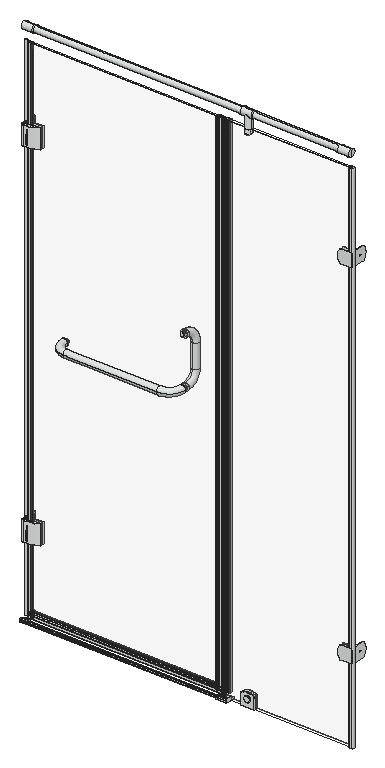
Revit family "Shower-Shower_Door-KOHLER-TRILGOY-K-72922T_2", category Specialty Equipment, host Face, Revit 2017
Family settings
  Host = Face
  Round Connector Dimension = Use Diameter
  Part Type = Normal
  OmniClass Number = 23.31.17.17
  OmniClass Title = Shower Enclosures
  Cut with Voids When Loaded = No
  Shared = No
  Room Calculation Point = No
Parameters (values of type "SHP-Polished Bright Silver")
  Width = 47 81/128"  # constant formula
  WaterSense Certified = 1 = 0  # no
  URL = "http://www.kohler.com.cn/"
  Type = 1
  Product Page URL = ""
  Product Name = "TRILGOY\r\n"  # constant formula
  Product Documentation Link = ""
  Model = if(Type = 1, "K-72922T-L-SHP", if(Type = 2, "K-72922T-L-2BL", "NA"))  # "K-72922T-L-SHP"
  Material = "Premium Metal Construction"  # constant formula
  Master Format 2014 Name = "Shower Doors"  # constant formula
  Master Format 2014 = "10 28 19.16"  # constant formula
  Manufacturer Address = "Kohler Beijing Office (100016) 36-2-03-B, No. 88, Liuxiang Road, Beijing"  # constant formula
  Manufacturer = "KOHLER Co."  # constant formula
  Length = 5 59/256"  # constant formula
  Height = 77 13/64"  # constant formula
  Finish = Kohler-Metal-SHP-Bright_Polished_Silver
  Environmental Product Declaration = ""
  Description = "Hinge screen, 1 door 1 panel, 8mm thick glass"  # constant formula
  Default Elevation = 0"
  Declare Label = ""
  Date Modified = "08/24/2020"  # constant formula
  Date Created = "08/24/2020"  # constant formula
  Copyright = "Copyright KOHLER Co."  # constant formula
  Contact Us = "http://www.kohler.com.cn/contact/contact-us/"
  Assembly Code = "C1030200"
  ADA Compliant = 1 = 0  # no
Types (3): name | Type | Model | Finish
  (no name) | 1 | "K-72922T-L-SHP" | Kohler-Metal-SHP-Bright_Polished_Silver
  SHP-Polished Bright Silver | 1 | "K-72922T-L-SHP" | Kohler-Metal-SHP-Bright_Polished_Silver
  2BL-Original Black | 2 | "K-72922T-L-2BL" | Kohler-Metal-2BL-Original_Black
Reference planes (in)
  plane 1 "Center (Front/Back)": y = 0
  plane 2: z = 0
  plane 3 "Center (Left/Right)": x = 0
  plane 4: x = -23.81704
  plane 5: y = 2.56178
  plane 6: x = 23.81577
  plane 7: x = -22.71597
  plane 8: y = 0.31011
  plane 9: x = -9.25011
  plane 10: x = -18.31156
  plane 11: x = -0.31943
  plane 12: y = -1.67746
  plane 13: y = -2.66869
  plane 14: y = -0.94973
  plane 15: z = 77.20312
  plane 16: z = 74.80315
  plane 17: z = 37.83465
  plane 18: x = 3.96623
  plane 19: z = 76.21887
Dimensions and locks (in)
  locked: plane 4 to plane 9 at 14.56693
  locked: plane 13 to plane 12 at 0.99123
  locked: plane 10 to plane 11 at 17.99213
  locked: plane 8 to plane 14 at 1.25984
  "Height": plane 15 to plane 2
  plane 16 to plane 2 = 74.80315"
  plane 17 to plane 2 = 37.83465"
  plane 7 to plane 18 = 26.6822"
  "Width": plane 6 to plane 4
  locked: plane 15 to plane 19 at 0.98425
  "Length": plane 5 to plane 13
  aligned and locked: plane 2 to host face
  aligned and locked: level to host face
Automatic sketch dimensions
  host sketch curve to host sketch curve = 96"  (x2)
Nested families (in)
  nested 1: "K-72922T" at (-43.00282, 0, 0), type "K-72922T"
Definition of nested family "K-72922T"
  Parameters (values of type "K-72922T")
    Material = none
  Reference planes (in)
    plane 1 "Center (Front/Back)": y = 0
    plane 2: z = 0
    plane 3 "Center (Left/Right)": x = 0
    plane 4: z = 77.20472
    plane 5: z = 37.83465
    plane 6: z = 74.80315
    plane 7: z = 76.22047
    plane 8: x = 19.18578
    plane 9: x = 66.81986
    plane 10: x = 43.00282
    plane 11: x = 33.75271
    plane 12: y = -2.67039
    plane 13: y = 2.56178
    plane 14: x = 20.28685
    plane 15: x = 46.96905
    plane 16: y = 0.31011
    plane 17: y = -0.94973
    plane 18: y = -1.67916
    plane 19: x = 24.69127
    plane 20: x = 42.68339
  Forms (in)
    Extrusion 1, solid
      sketch origin (0, -0.21473, 0) x (0, 1, 0) y (0, 0, 1)
        loop
          line (0.32014, 1.29581) -> (0.32014, 74.80315) -> (0.00518, 74.80315) -> (0.00518, 1.29581) -> (0.32014, 1.29581)
      from 19.89444 to 47.45796
    Sweep 2, solid, material <- "Material"
      path origin (33.93209, -0.12918, 0) x (1, 0, 0) y (0, 1, 0)
        loop
          line (-9.22931, -0.0791) -> (-9.22931, -0.27595)
          arc (-9.22931, -0.27595) -> (-8.57278, -1.86097) -> (-6.98776, -2.51751) r 2.24156
          line (-6.98776, -2.51751) -> (6.48406, -2.51751)
          arc (6.48406, -2.51751) -> (8.06908, -1.86097) -> (8.72562, -0.27595) r 2.24156
          line (8.72562, -0.27595) -> (8.72562, -0.13386)
      profile origin (33.68024, -2.64669, 0) x (0, 1, 0) y (0, 0, 1)
        loop
          circle (0.47192, 37.85475) r 0.49592
    Extrusion 3, void
      sketch origin (0, 0.04306, -0.14149) x (0, 1, 0) y (0, 0, 1)
        loop
          circle (0.89886, 12.85429) r 0.1305
        loop
          circle (0.89886, 11.08264) r 0.1305
      from 18.61426 to 19.8989
    Extrusion 4, void
      sketch origin (0, -0.17609, 51.13343) x (0, 1, 0) y (0, 0, 1)
        loop
          circle (1.11801, 12.72049) r 0.1305
        loop
          circle (1.11801, 10.94884) r 0.1305
      from 18.79114 to 20.09956
    Sweep 5, solid, material <- "Material"
      path origin (0, -0.33219, 74.76523) x (0, 1, 0) y (0, 0, -1)
        loop
          line (0.43592, 37.40654) -> (0.63204, 37.40654)
          arc (0.63204, 37.40654) -> (2.23556, 36.74234) -> (2.89976, 35.13882) r 2.26772
          line (2.89976, 35.13882) -> (2.89976, 31.71911)
          arc (2.89976, 31.71911) -> (2.23556, 30.11559) -> (0.63204, 29.4514) r 2.26772
          line (0.63204, 29.4514) -> (0.43757, 29.4514)
      profile origin (0, 2.56757, 41.33626) x (0, -1, 0) y (1, 0, 0)
        loop
          circle (0.49295, 42.18206) r 0.4926
    Revolve 6, solid, material <- "Material", detail levels medium+fine
      sketch origin (0, 0, 0) x (1, 0, 0) y (0, 0, 1)
        loop
          line (19.18578, 77.20472) -> (19.18578, 76.7126) -> (66.38709, 76.7126) -> (66.38709, 77.20472) -> (64.81229, 77.20472) -> (64.81229, 77.11636) -> (52.33197, 77.11636) -> (52.33197, 77.20472) -> (50.75717, 77.20472) -> (50.75717, 77.11636) -> (20.7178, 77.11636) -> (20.7178, 77.20472) -> (19.18578, 77.20472)
        axis (66.38709, 76.7126) -> (19.18578, 76.7126)
      angle from 0 to 360
    Revolve 7, solid, material <- "Material", detail levels medium+fine
      sketch origin (0, 0, 0) x (1, 0, 0) y (0, 0, 1)
        loop
          line (51.54457, 74.01575) -> (51.881, 74.01575)
          arc (51.881, 74.01575) -> (51.94035, 74.04033) -> (51.96493, 74.09968) r 0.08393
          line (51.96493, 74.09968) -> (51.96493, 74.80315) -> (52.03801, 74.80315) -> (52.03801, 76.61166) -> (51.54457, 76.61166) -> (51.54457, 74.01575)
        axis (51.54457, 74.01575) -> (51.54457, 76.61166)
      angle from 0 to 360
    Extrusion 8, solid, material <- "Material", detail levels medium+fine
      sketch origin (33.12017, -0.21645, 51.14419) x (-1, 0, 0) y (0, 0, -1)
        loop
          line (12.71391, -13.20286) -> (12.71391, -10.44073) -> (11.33596, -10.44073) -> (11.33596, -13.20286) -> (12.71391, -13.20286)
        loop
          circle (12.07567, -12.71537) r 0.2374
        loop
          circle (12.07721, -10.94218) r 0.23549
        loop
          line (12.71391, 37.93651) -> (12.71391, 40.69288) -> (11.33596, 40.69288) -> (11.33596, 37.93651) -> (12.71391, 37.93651)
        loop
          circle (12.07875, 38.42636) r 0.2374
        loop
          circle (12.08029, 40.19955) r 0.23549
      from -0.50715 to -0.32014
    Extrusion 9, solid, material <- "Material", detail levels medium+fine
      sketch origin (33.10557, -0.21645, 0) x (1, 0, 0) y (0, 1, 0)
        loop
          arc (-12.83785, -0.0215) -> (-12.81922, -0.00081) -> (-12.83991, 0.01782) r 0.01969
          line (-12.83991, 0.01782) -> (-13.00248, 0.0093) -> (-13.18839, -0.00044)
          arc (-13.18839, -0.00044) -> (-13.20439, 0.00546) -> (-13.21112, 0.02113) r 0.0216
          line (-13.21112, 0.02113) -> (-13.21112, 0.30596)
          arc (-13.21112, 0.30596) -> (-13.20491, 0.32041) -> (-13.19015, 0.32586) r 0.01992
          line (-13.19015, 0.32586) -> (-13.00248, 0.31602) -> (-12.83943, 0.30748)
          arc (-12.83943, 0.30748) -> (-12.81875, 0.3261) -> (-12.83737, 0.34679) r 0.01969
          line (-12.83737, 0.34679) -> (-13.25049, 0.36844)
          arc (-13.25049, 0.36844) -> (-13.48671, 0.37463) -> (-13.72293, 0.36844) r 4.51354
          arc (-13.72293, 0.36844) -> (-13.82133, 0.36386) -> (-13.91978, 0.36043) r 8.42466
          line (-13.91978, 0.36043) -> (-13.91978, 0.32907) -> (-13.25049, 0.32907) -> (-13.25049, 0.01768)
          arc (-13.25049, 0.01768) -> (-13.23251, -0.02417) -> (-13.18977, -0.03994) r 0.0577
          line (-13.18977, -0.03994) -> (-12.83785, -0.0215)
      from 0.3937 to 74.80315
    Extrusion 10, solid, material <- "Material", detail levels medium+fine
      sketch origin (33.10999, -0.21645, 0) x (1, 0, 0) y (0, 1, 0)
        loop
          line (-13.77018, 0.50715) -> (-13.73081, 0.50715) -> (-13.73081, -0.02435)
          arc (-13.73081, -0.02435) -> (-13.70579, -0.14958) -> (-13.71614, -0.27687) r 0.46033
          arc (-13.71614, -0.27687) -> (-13.64682, -0.5295) -> (-13.39872, -0.61361) r 0.27933
          line (-13.39872, -0.61361) -> (-13.28446, -0.60962)
          arc (-13.28446, -0.60962) -> (-12.28239, -0.45554) -> (-11.34388, -0.07204) r 4.31799
          arc (-11.34388, -0.07204) -> (-11.32395, -0.02571) -> (-11.36382, 0.00518) r 0.04119
          line (-11.36382, 0.00518) -> (-12.65948, 0.00518) -> (-12.65948, -0.1401)
          arc (-12.65948, -0.1401) -> (-12.88506, -0.41125) -> (-13.19273, -0.23876) r 0.27575
          arc (-13.19273, -0.23876) -> (-13.28522, -0.117) -> (-13.42866, -0.06402) r 0.27315
          arc (-13.42866, -0.06402) -> (-13.44312, -0.05712) -> (-13.44899, -0.04221) r 0.02186
          line (-13.44899, -0.04221) -> (-13.44899, 0.01837)
          arc (-13.44899, 0.01837) -> (-13.4601, 0.04352) -> (-13.48618, 0.05224) r 0.03402
          arc (-13.48618, 0.05224) -> (-13.54845, 0.07307) -> (-13.57498, 0.13313) r 0.08124
          line (-13.57498, 0.13313) -> (-13.57498, 1.61582)
          arc (-13.57498, 1.61582) -> (-13.63218, 1.75367) -> (-13.77018, 1.81051) r 0.19469
          line (-13.77018, 1.81051) -> (-13.77018, 0.50715)
        loop
          circle (-13.44663, -0.33944) r 0.11896
      from 61.58492 to 64.34705
    Extrusion 11, solid, material <- "Material", detail levels medium+fine
      sketch origin (33.10999, -0.21645, -51.1811) x (1, 0, 0) y (0, 1, 0)
        loop
          line (-13.77018, 0.50715) -> (-13.73081, 0.50715) -> (-13.73081, -0.02435)
          arc (-13.73081, -0.02435) -> (-13.70579, -0.14958) -> (-13.71614, -0.27687) r 0.46033
          arc (-13.71614, -0.27687) -> (-13.64682, -0.5295) -> (-13.39872, -0.61361) r 0.27933
          line (-13.39872, -0.61361) -> (-13.28446, -0.60962)
          arc (-13.28446, -0.60962) -> (-12.28239, -0.45554) -> (-11.34388, -0.07204) r 4.31799
          arc (-11.34388, -0.07204) -> (-11.32395, -0.02571) -> (-11.36382, 0.00518) r 0.04119
          line (-11.36382, 0.00518) -> (-12.65783, 0.00518) -> (-12.65783, -0.1401)
          arc (-12.65783, -0.1401) -> (-12.88341, -0.41125) -> (-13.19108, -0.23876) r 0.27575
          arc (-13.19108, -0.23876) -> (-13.28357, -0.117) -> (-13.42701, -0.06402) r 0.27315
          arc (-13.42701, -0.06402) -> (-13.44147, -0.05712) -> (-13.44734, -0.04221) r 0.02186
          line (-13.44734, -0.04221) -> (-13.44734, 0.01837)
          arc (-13.44734, 0.01837) -> (-13.45845, 0.04352) -> (-13.48453, 0.05224) r 0.03402
          arc (-13.48453, 0.05224) -> (-13.54679, 0.07307) -> (-13.57333, 0.13313) r 0.08124
          line (-13.57333, 0.13313) -> (-13.57333, 1.61344)
          arc (-13.57333, 1.61344) -> (-13.63112, 1.75187) -> (-13.77018, 1.80813) r 0.19469
          line (-13.77018, 1.80813) -> (-13.77018, 0.50715)
        loop
          circle (-13.44663, -0.33944) r 0.11896
      from 61.63242 to 64.38878
    Extrusion 12, solid, material <- "Material", detail levels medium+fine
      sketch origin (34.88107, -0.21531, 0) x (1, 0, 0) y (0, 1, 0)
        loop
          line (12.50441, -0.09311) -> (12.63248, -0.09311)
          arc (12.63248, -0.09311) -> (12.82914, -0.11223) -> (13.02562, -0.09131) r 0.97517
          line (13.02562, -0.09131) -> (13.11373, -0.00321)
          arc (13.11373, -0.00321) -> (13.12016, 0.01233) -> (13.11373, 0.02787) r 0.02197
          line (13.11373, 0.02787) -> (12.72791, 0.41369)
          arc (12.72791, 0.41369) -> (12.61621, 0.41867) -> (12.50441, 0.41802) r 2.21716
          arc (12.50441, 0.41802) -> (12.40035, 0.41148) -> (12.29691, 0.39834) r 1.64069
          arc (12.29691, 0.39834) -> (12.19969, 0.38074) -> (12.10328, 0.3591) r 2.36632
          arc (12.10328, 0.3591) -> (12.08886, 0.33544) -> (12.11241, 0.32085) r 0.01967
          line (12.11241, 0.32085) -> (12.19154, 0.33911) -> (12.26652, 0.32122)
          arc (12.26652, 0.32122) -> (12.27838, 0.3285) -> (12.27109, 0.34036) r 0.00984
          line (12.27109, 0.34036) -> (12.238, 0.34826)
          arc (12.238, 0.34826) -> (12.31173, 0.36045) -> (12.38587, 0.3698) r 1.9463
          line (12.38587, 0.3698) -> (12.39331, 0.3332)
          arc (12.39331, 0.3332) -> (12.40825, 0.32269) -> (12.41959, 0.33701) r 0.0133
          line (12.41959, 0.33701) -> (12.41646, 0.37282)
          arc (12.41646, 0.37282) -> (12.45824, 0.37702) -> (12.50021, 0.37842) r 0.62902
          line (12.50021, 0.37842) -> (12.55046, 0.37842)
          arc (12.55046, 0.37842) -> (12.56948, 0.37054) -> (12.57736, 0.35151) r 0.02691
          line (12.57736, 0.35151) -> (12.57736, -0.02661)
          arc (12.57736, -0.02661) -> (12.56948, -0.04563) -> (12.55046, -0.05351) r 0.02691
          line (12.55046, -0.05351) -> (12.50021, -0.05351)
          arc (12.50021, -0.05351) -> (12.45824, -0.05211) -> (12.41646, -0.04791) r 0.62902
          line (12.41646, -0.04791) -> (12.41959, -0.0121)
          arc (12.41959, -0.0121) -> (12.40825, 0.00222) -> (12.39331, -0.00829) r 0.0133
          line (12.39331, -0.00829) -> (12.38587, -0.04489)
          arc (12.38587, -0.04489) -> (12.31173, -0.03554) -> (12.238, -0.02335) r 1.9463
          line (12.238, -0.02335) -> (12.27109, -0.01545)
          arc (12.27109, -0.01545) -> (12.27838, -0.0036) -> (12.26652, 0.00369) r 0.00984
          line (12.26652, 0.00369) -> (12.19154, -0.01421) -> (12.10926, 0.00479)
          arc (12.10926, 0.00479) -> (12.08563, -0.01019) -> (12.10092, -0.03361) r 0.01965
          line (12.10092, -0.03361) -> (12.29691, -0.07343)
          arc (12.29691, -0.07343) -> (12.40019, -0.08818) -> (12.50441, -0.09311) r 1.10335
        loop
          arc (12.63248, -0.07343) -> (12.81702, -0.09442) -> (13.00197, -0.07752) r 0.91052
          line (13.00197, -0.07752) -> (12.73663, 0.18782)
          arc (12.73663, 0.18782) -> (12.72975, 0.20442) -> (12.73663, 0.22102) r 0.02347
          line (12.73663, 0.22102) -> (12.79918, 0.28356)
          arc (12.79918, 0.28356) -> (12.8056, 0.29907) -> (12.79918, 0.31458) r 0.02193
          line (12.79918, 0.31458) -> (12.71542, 0.39834) -> (12.63248, 0.39834) -> (12.63248, -0.07343)
        loop
          line (12.82582, 0.28794) -> (12.75685, 0.21896)
          arc (12.75685, 0.21896) -> (12.75082, 0.20442) -> (12.75685, 0.18988) r 0.02057
          line (12.75685, 0.18988) -> (13.02069, -0.07397) -> (13.0891, -0.00557)
          arc (13.0891, -0.00557) -> (13.09535, 0.00955) -> (13.0891, 0.02466) r 0.02137
          line (13.0891, 0.02466) -> (12.82582, 0.28794)
        loop
          arc (13.59079, -0.09311) -> (13.69169, -0.08849) -> (13.79175, -0.07466) r 1.10335
          line (13.79175, -0.07466) -> (13.98023, -0.03637)
          arc (13.98023, -0.03637) -> (13.99552, -0.01295) -> (13.9719, 0.00203) r 0.01965
          line (13.9719, 0.00203) -> (13.90263, -0.01396) -> (13.82868, 0.00369)
          arc (13.82868, 0.00369) -> (13.81683, -0.0036) -> (13.82411, -0.01545) r 0.00984
          line (13.82411, -0.01545) -> (13.8572, -0.02335)
          arc (13.8572, -0.02335) -> (13.78347, -0.03554) -> (13.70933, -0.04489) r 1.9463
          line (13.70933, -0.04489) -> (13.70189, -0.00829)
          arc (13.70189, -0.00829) -> (13.68695, 0.00222) -> (13.67561, -0.0121) r 0.0133
          line (13.67561, -0.0121) -> (13.67874, -0.04791)
          arc (13.67874, -0.04791) -> (13.63696, -0.05211) -> (13.59499, -0.05351) r 0.62902
          line (13.59499, -0.05351) -> (13.54475, -0.05351)
          arc (13.54475, -0.05351) -> (13.52572, -0.04563) -> (13.51784, -0.02661) r 0.02691
          line (13.51784, -0.02661) -> (13.51784, 0.42533)
          arc (13.51784, 0.42533) -> (13.52572, 0.44436) -> (13.54475, 0.45224) r 0.02691
          line (13.54475, 0.45224) -> (13.59499, 0.45224)
          arc (13.59499, 0.45224) -> (13.63696, 0.45084) -> (13.67874, 0.44664) r 0.62902
          line (13.67874, 0.44664) -> (13.67561, 0.41083)
          arc (13.67561, 0.41083) -> (13.68695, 0.39651) -> (13.70189, 0.40702) r 0.0133
          line (13.70189, 0.40702) -> (13.70933, 0.44362)
          arc (13.70933, 0.44362) -> (13.78347, 0.43427) -> (13.8572, 0.42208) r 1.9463
          line (13.8572, 0.42208) -> (13.82411, 0.41418)
          arc (13.82411, 0.41418) -> (13.81683, 0.40232) -> (13.82868, 0.39503) r 0.00984
          line (13.82868, 0.39503) -> (13.90647, 0.4136) -> (13.97221, 0.39843)
          arc (13.97221, 0.39843) -> (13.99581, 0.41334) -> (13.98068, 0.4368) r 0.01965
          arc (13.98068, 0.4368) -> (13.88269, 0.45708) -> (13.78456, 0.47664) r 13.69453
          arc (13.78456, 0.47664) -> (13.6813, 0.49171) -> (13.57706, 0.49674) r 1.08114
          arc (13.57706, 0.49674) -> (13.33612, 0.46746) -> (13.0966, 0.42819) r 5.84553
          arc (13.0966, 0.42819) -> (13.07264, 0.41988) -> (13.05221, 0.40484) r 0.08458
          line (13.05221, 0.40484) -> (12.97815, 0.33077)
          arc (12.97815, 0.33077) -> (12.97171, 0.31523) -> (12.97815, 0.2997) r 0.02197
          line (12.97815, 0.2997) -> (13.35194, -0.07409)
          arc (13.35194, -0.07409) -> (13.37301, -0.08817) -> (13.39786, -0.09311) r 0.06494
          line (13.39786, -0.09311) -> (13.59079, -0.09311)
        loop
          line (13.46272, -0.07343) -> (13.46272, 0.39834)
          arc (13.46272, 0.39834) -> (13.27766, 0.4191) -> (13.09214, 0.40284) r 0.93659
          line (13.09214, 0.40284) -> (13.35749, 0.1375)
          arc (13.35749, 0.1375) -> (13.36436, 0.1209) -> (13.35749, 0.1043) r 0.02347
          line (13.35749, 0.1043) -> (13.29494, 0.04176)
          arc (13.29494, 0.04176) -> (13.28852, 0.02625) -> (13.29494, 0.01074) r 0.02193
          line (13.29494, 0.01074) -> (13.37534, -0.06966) -> (13.46272, -0.07343)
        loop
          line (13.2683, 0.03739) -> (13.33727, 0.10636)
          arc (13.33727, 0.10636) -> (13.34329, 0.1209) -> (13.33727, 0.13544) r 0.02057
          line (13.33727, 0.13544) -> (13.07343, 0.39929) -> (13.00502, 0.33089)
          arc (13.00502, 0.33089) -> (12.99876, 0.31577) -> (13.00502, 0.30066) r 0.02137
          line (13.00502, 0.30066) -> (13.2683, 0.03739)
      from 0.7874 to 74.80315
    Extrusion 13, solid, material <- "Material", detail levels medium+fine
      sketch origin (33.77418, -0.59146, 74.66882) x (0, 1, 0) y (0, 0, 1)
        loop
          line (0.38134, -74.66882) -> (0.38134, -74.26038)
          arc (0.38134, -74.26038) -> (0.37412, -74.24296) -> (0.3567, -74.23575) r 0.02463
          line (0.3567, -74.23575) -> (-0.22241, -74.23575)
          arc (-0.22241, -74.23575) -> (-0.31847, -74.27554) -> (-0.35827, -74.37161) r 0.13586
          line (-0.35827, -74.37161) -> (-0.35827, -74.66882) -> (0.38134, -74.66882)
      from 15.21134 to 15.32945
    Extrusion 14, solid, material <- "Material", detail levels medium+fine
      sketch origin (33.77418, -0.59146, 74.66882) x (0, 1, 0) y (0, 0, 1)
        loop
          arc (0.35827, -74.49596) -> (0.34663, -74.46786) -> (0.31852, -74.45622) r 0.03974
          line (0.31852, -74.45622) -> (0.18109, -74.45622)
          arc (0.18109, -74.45622) -> (0.14295, -74.45031) -> (0.10838, -74.43312) r 0.12598
          line (0.10838, -74.43312) -> (-0.13501, -74.2611)
          arc (-0.13501, -74.2611) -> (-0.2818, -74.25099) -> (-0.35827, -74.3767) r 0.14155
          line (-0.35827, -74.3767) -> (-0.35827, -74.66882) -> (-0.30978, -74.66882) -> (-0.30978, -74.37418)
          arc (-0.30978, -74.37418) -> (-0.26789, -74.30576) -> (-0.1879, -74.31197) r 0.07682
          line (-0.1879, -74.31197) -> (0.05329, -74.48668)
          arc (0.05329, -74.48668) -> (0.1016, -74.51123) -> (0.15512, -74.51969) r 0.1736
          line (0.15512, -74.51969) -> (0.31032, -74.51969) -> (0.31032, -74.66882) -> (0.35827, -74.66882) -> (0.35827, -74.49596)
      from 13.7389 to 15.21134
    Extrusion 15, solid, material <- "Material", detail levels medium+fine
      sketch origin (33.06942, -0.59209, 74.66882) x (0, 1, 0) y (0, 0, -1)
        loop
          line (-0.1523, 74.6063) -> (-0.1523, 74.63914)
          arc (-0.1523, 74.63914) -> (-0.15832, 74.65368) -> (-0.17285, 74.65969) r 0.02055
          line (-0.17285, 74.65969) -> (-0.21082, 74.65969)
          arc (-0.21082, 74.65969) -> (-0.22512, 74.65377) -> (-0.23104, 74.63947) r 0.02022
          line (-0.23104, 74.63947) -> (-0.23104, 74.6063) -> (-0.28757, 74.6063)
          arc (-0.28757, 74.6063) -> (-0.30328, 74.59979) -> (-0.30978, 74.58409) r 0.02221
          line (-0.30978, 74.58409) -> (-0.30978, 74.37418)
          arc (-0.30978, 74.37418) -> (-0.26789, 74.30576) -> (-0.1879, 74.31197) r 0.07682
          line (-0.1879, 74.31197) -> (0.05329, 74.48668)
          arc (0.05329, 74.48668) -> (0.1016, 74.51123) -> (0.15512, 74.51969) r 0.1736
          line (0.15512, 74.51969) -> (0.24971, 74.51969)
          arc (0.24971, 74.51969) -> (0.29302, 74.56299) -> (0.24971, 74.6063) r 0.04331
          line (0.24971, 74.6063) -> (0.20203, 74.6063) -> (0.20203, 74.6409)
          arc (0.20203, 74.6409) -> (0.1963, 74.65473) -> (0.18247, 74.66046) r 0.01956
          line (0.18247, 74.66046) -> (0.14315, 74.66046)
          arc (0.14315, 74.66046) -> (0.12911, 74.65465) -> (0.12329, 74.64061) r 0.01986
          line (0.12329, 74.64061) -> (0.12329, 74.6063) -> (-0.1523, 74.6063)
      from -14.83577 to 13.69021
    Extrusion 16, solid, material <- "Material", detail levels medium+fine
      sketch origin (33.06942, -0.21531, 74.80095) x (0, 1, 0) y (0, 0, -1)
        loop
          line (0.18628, 73.94488) -> (0.17855, 74.51875)
          arc (0.17855, 74.51875) -> (0.16402, 74.53311) -> (0.14943, 74.51881) r 0.01456
          line (0.14943, 74.51881) -> (0.13904, 73.94488) -> (-0.03407, 73.94488)
          arc (-0.03407, 73.94488) -> (-0.07655, 73.92728) -> (-0.09415, 73.8848) r 0.06008
          line (-0.09415, 73.8848) -> (-0.09415, 73.82468)
          arc (-0.09415, 73.82468) -> (-0.08933, 73.72457) -> (-0.07493, 73.62538) r 1.04296
          line (-0.07493, 73.62538) -> (-0.03504, 73.42017)
          arc (-0.03504, 73.42017) -> (-0.0113, 73.40445) -> (0.004, 73.42846) r 0.01996
          line (0.004, 73.42846) -> (-0.0137, 73.50515) -> (0.00454, 73.58416)
          arc (0.00454, 73.58416) -> (-0.00375, 73.59742) -> (-0.01702, 73.58913) r 0.01106
          line (-0.01702, 73.58913) -> (-0.02439, 73.55721) -> (-0.04773, 73.70461) -> (-0.01416, 73.71113)
          arc (-0.01416, 73.71113) -> (-0.00355, 73.72534) -> (-0.01667, 73.73725) r 0.01318
          line (-0.01667, 73.73725) -> (-0.04877, 73.73725) -> (-0.0547, 73.86715)
          arc (-0.0547, 73.86715) -> (-0.04666, 73.88862) -> (-0.02558, 73.89764) r 0.02915
          line (-0.02558, 73.89764) -> (0.34986, 73.89764)
          arc (0.34986, 73.89764) -> (0.37094, 73.88862) -> (0.37899, 73.86715) r 0.02915
          line (0.37899, 73.86715) -> (0.37306, 73.73725) -> (0.34096, 73.73725)
          arc (0.34096, 73.73725) -> (0.32784, 73.72534) -> (0.33844, 73.71113) r 0.01318
          line (0.33844, 73.71113) -> (0.37202, 73.70461) -> (0.34867, 73.55721) -> (0.3413, 73.58913)
          arc (0.3413, 73.58913) -> (0.32804, 73.59742) -> (0.31975, 73.58416) r 0.01106
          line (0.31975, 73.58416) -> (0.33799, 73.50515) -> (0.32028, 73.42846)
          arc (0.32028, 73.42846) -> (0.33558, 73.40445) -> (0.35933, 73.42017) r 0.01996
          line (0.35933, 73.42017) -> (0.39922, 73.62538)
          arc (0.39922, 73.62538) -> (0.41362, 73.72457) -> (0.41843, 73.82468) r 1.04296
          line (0.41843, 73.82468) -> (0.41843, 73.8848)
          arc (0.41843, 73.8848) -> (0.40084, 73.92728) -> (0.35835, 73.94488) r 0.06008
          line (0.35835, 73.94488) -> (0.18628, 73.94488)
      from -15.32948 to 12.94218
    Extrusion 17, solid, material <- "Material", detail levels medium+fine
      sketch origin (32.99843, -0.59146, 74.66882) x (0, 1, 0) y (0, 0, -1)
        loop
          line (0.35827, 74.66882) -> (-0.35827, 74.66882) -> (-0.35827, 74.3767)
          arc (-0.35827, 74.3767) -> (-0.2818, 74.25099) -> (-0.13501, 74.2611) r 0.14155
          line (-0.13501, 74.2611) -> (0.10838, 74.43312)
          arc (0.10838, 74.43312) -> (0.14295, 74.45031) -> (0.18109, 74.45622) r 0.12598
          line (0.18109, 74.45622) -> (0.31852, 74.45622)
          arc (0.31852, 74.45622) -> (0.34663, 74.46786) -> (0.35827, 74.49596) r 0.03974
          line (0.35827, 74.49596) -> (0.35827, 74.66882)
      from 13.61921 to 13.65858
    Extrusion 18, solid, material <- "Material", detail levels medium+fine
      sketch origin (32.99843, -0.59146, 74.66882) x (0, 1, 0) y (0, 0, -1)
        loop
          line (0.35827, 74.49596) -> (0.35827, 74.66882) -> (0.31032, 74.66882) -> (0.31032, 74.51969) -> (0.15512, 74.51969)
          arc (0.15512, 74.51969) -> (0.1016, 74.51123) -> (0.05329, 74.48668) r 0.1736
          line (0.05329, 74.48668) -> (-0.1879, 74.31197)
          arc (-0.1879, 74.31197) -> (-0.26789, 74.30576) -> (-0.30978, 74.37418) r 0.07682
          line (-0.30978, 74.37418) -> (-0.30978, 74.66882) -> (-0.35827, 74.66882) -> (-0.35827, 74.3767)
          arc (-0.35827, 74.3767) -> (-0.2818, 74.25099) -> (-0.13501, 74.2611) r 0.14155
          line (-0.13501, 74.2611) -> (0.10838, 74.43312)
          arc (0.10838, 74.43312) -> (0.14295, 74.45031) -> (0.18109, 74.45622) r 0.12598
          line (0.18109, 74.45622) -> (0.31852, 74.45622)
          arc (0.31852, 74.45622) -> (0.34663, 74.46786) -> (0.35827, 74.49596) r 0.03974
      from 12.87118 to 13.61921
    Extrusion 19, solid, material <- "Material", detail levels medium+fine
      sketch origin (0, 0, 0) x (1, 0, 0) y (0, 1, 0)
        loop
          line (66.38709, -0.26863) -> (66.56395, -0.26863)
          arc (66.56395, -0.26863) -> (66.81986, -0.01272) -> (66.56395, 0.24318) r 0.25591
          line (66.56395, 0.24318) -> (66.38709, 0.24318)
          arc (66.38709, 0.24318) -> (66.26165, 0.23697) -> (66.13744, 0.2184) r 1.26993
          line (66.13744, 0.2184) -> (66.13744, 0.18413) -> (66.38709, 0.18413) -> (66.38709, -0.20957) -> (66.13744, -0.20957) -> (66.13744, -0.24385)
          arc (66.13744, -0.24385) -> (66.26165, -0.26242) -> (66.38709, -0.26863) r 1.26993
      from 0 to 74.80315
    Extrusion 20, solid, material <- "Material", detail levels medium+fine
      sketch origin (0, 0, 0) x (1, 0, 0) y (0, 0, 1)
        loop
          arc (65.08716, 63.97638) -> (64.98931, 63.95333) -> (64.91203, 63.88902) r 0.21921
          arc (64.91203, 63.88902) -> (64.61274, 62.9849) -> (64.92289, 62.08444) r 1.48825
          arc (64.92289, 62.08444) -> (64.9919, 62.02805) -> (65.07871, 62.00788) r 0.19685
          line (65.07871, 62.00788) -> (66.58394, 62.00788) -> (66.58394, 63.97638) -> (65.08716, 63.97638)
      from -0.24318 to -0.18413
    Extrusion 21, solid, material <- "Material", detail levels medium+fine
      sketch origin (0, 0.02126, 0) x (1, 0, 0) y (0, 0, -1)
        loop
          line (65.08716, -63.97638) -> (66.58394, -63.97638) -> (66.58394, -62.00788) -> (65.07871, -62.00788)
          arc (65.07871, -62.00788) -> (64.9919, -62.02805) -> (64.92289, -62.08444) r 0.19685
          arc (64.92289, -62.08444) -> (64.61274, -62.9849) -> (64.91203, -63.88902) r 1.48825
          arc (64.91203, -63.88902) -> (64.98931, -63.95333) -> (65.08716, -63.97638) r 0.21921
      from -0.28989 to -0.23084
    Extrusion 22, solid, material <- "Material", detail levels medium+fine
      sketch origin (0, 0, 0) x (0, 1, 0) y (0, 0, 1)
        loop
          line (1.78644, 63.97638) -> (0.18413, 63.97638) -> (0.18413, 62.00788) -> (1.78861, 62.00788)
          arc (1.78861, 62.00788) -> (1.8767, 62.02868) -> (1.94616, 62.08671) r 0.19685
          arc (1.94616, 62.08671) -> (2.2472, 62.99276) -> (1.94366, 63.89799) r 1.50777
          arc (1.94366, 63.89799) -> (1.87428, 63.9557) -> (1.78644, 63.97638) r 0.19685
        loop
          arc (1.12534, 63.12992) -> (0.98755, 62.99213) -> (1.12534, 62.85433) r 0.1378
          line (1.12534, 62.85433) -> (1.44801, 62.85433)
          arc (1.44801, 62.85433) -> (1.58581, 62.99213) -> (1.44801, 63.12992) r 0.1378
          line (1.44801, 63.12992) -> (1.12534, 63.12992)
      from 66.44615 to 66.58394
    Extrusion 23, solid, material <- "Material", detail levels medium+fine
      sketch origin (0, 0, 0) x (1, 0, 0) y (0, 0, 1)
        loop
          line (49.10363, 0) -> (49.10363, 0.19213)
          arc (49.10363, 0.19213) -> (49.09763, 0.20661) -> (49.08315, 0.2126) r 0.02047
          line (49.08315, 0.2126) -> (48.21808, 0.2126)
          arc (48.21808, 0.2126) -> (48.20396, 0.20675) -> (48.19811, 0.19263) r 0.01997
          line (48.19811, 0.19263) -> (48.19811, 0) -> (49.10363, 0)
      from -0.31011 to 0.20957
    Extrusion 24, solid, material <- "Material", detail levels medium+fine
      sketch origin (0, 0.02126, -51.17737) x (1, 0, 0) y (0, 0, -1)
        loop
          line (65.08716, -63.97638) -> (66.58394, -63.97638) -> (66.58394, -62.00788) -> (65.07871, -62.00788)
          arc (65.07871, -62.00788) -> (64.9919, -62.02805) -> (64.92289, -62.08444) r 0.19685
          arc (64.92289, -62.08444) -> (64.61274, -62.9849) -> (64.91203, -63.88902) r 1.48825
          arc (64.91203, -63.88902) -> (64.98931, -63.95333) -> (65.08716, -63.97638) r 0.21921
      from -0.28989 to -0.23084
    Extrusion 25, solid, material <- "Material", detail levels medium+fine
      sketch origin (0, 0, -51.18088) x (0, 1, 0) y (0, 0, 1)
        loop
          line (1.78644, 63.97638) -> (0.18413, 63.97638) -> (0.18413, 62.00788) -> (1.78861, 62.00788)
          arc (1.78861, 62.00788) -> (1.8767, 62.02868) -> (1.94616, 62.08671) r 0.19685
          arc (1.94616, 62.08671) -> (2.2472, 62.99276) -> (1.94366, 63.89799) r 1.50777
          arc (1.94366, 63.89799) -> (1.87428, 63.9557) -> (1.78644, 63.97638) r 0.19685
        loop
          arc (1.12534, 63.12992) -> (0.98755, 62.99213) -> (1.12534, 62.85433) r 0.1378
          line (1.12534, 62.85433) -> (1.44801, 62.85433)
          arc (1.44801, 62.85433) -> (1.58581, 62.99213) -> (1.44801, 63.12992) r 0.1378
          line (1.44801, 63.12992) -> (1.12534, 63.12992)
      from 66.44615 to 66.58394
    Extrusion 26, solid, material <- "Material", detail levels medium+fine
      sketch origin (0, 0, 0) x (1, 0, 0) y (0, 0, 1)
        loop
          line (52.52882, -0.00393) -> (52.52882, 1.49866)
          arc (52.52882, 1.49866) -> (52.50605, 1.5941) -> (52.44265, 1.66897) r 0.21139
          arc (52.44265, 1.66897) -> (51.48908, 1.96197) -> (50.56032, 1.59793) r 1.5135
          line (50.56032, 1.59793) -> (50.56032, -0.00393) -> (52.52882, -0.00393)
      from -0.26 to -0.18413
    Extrusion 27, solid, material <- "Material", detail levels medium+fine
      sketch origin (0, 0, 0) x (1, 0, 0) y (0, 0, 1)
        loop
          circle (51.54457, 1.05906) r 0.42362
      from -0.28254 to -0.26
    Extrusion 28, solid, material <- "Material"
      sketch origin (0, 0, 0) x (1, 0, 0) y (0, 0, 1)
        loop
          circle (25.1747, 37.85475) r 0.25339
        loop
          circle (42.18578, 37.85475) r 0.25588
      from -0.16408 to 0.30787
    Revolve 29, solid, material <- "Material"
      sketch origin (42.18288, 0, 0.0123) x (0, 1, 0) y (0, 0, 1)
        loop
          line (0.10539, 44.82088) -> (0.10539, 45.11918) -> (-0.20957, 45.11918) -> (-0.20957, 44.82088) -> (0.10539, 44.82088)
        axis (0.10539, 44.82088) -> (-0.20957, 44.82088)
      angle from 0 to 360
    Extrusion 30, solid
      sketch origin (28.93701, -0.21473, 0) x (0, 1, 0) y (0, 0, 1)
        loop
          line (0.39885, 0) -> (0.39885, 74.80315) -> (0.00518, 74.80315) -> (0.00518, 0) -> (0.39885, 0)
      from 19.45796 to 37.45008
    Extrusion 31, solid, material <- "Material", detail levels medium+fine
      sketch origin (0, 0, 0) x (1, 0, 0) y (0, 0, -1)
        loop
          line (52.52882, 0.00393) -> (50.56032, 0.00393) -> (50.56032, -1.59793)
          arc (50.56032, -1.59793) -> (51.48908, -1.96197) -> (52.44265, -1.66897) r 1.5135
          arc (52.44265, -1.66897) -> (52.50605, -1.5941) -> (52.52882, -1.49866) r 0.21139
          line (52.52882, -1.49866) -> (52.52882, 0.00393)
      from -0.27314 to -0.20955
    Extrusion 32, solid, material <- "Material", detail levels medium+fine
      sketch origin (0, 0, 0) x (1, 0, 0) y (0, 0, -1)
        loop
          circle (51.54457, -1.05906) r 0.42362
      from -0.29697 to -0.27314
    Extrusion 33, solid, material <- "Material", detail levels medium+fine
      sketch origin (0, 0, -51.17737) x (1, 0, 0) y (0, 0, 1)
        loop
          arc (65.08716, 63.97638) -> (64.98931, 63.95333) -> (64.91203, 63.88902) r 0.21921
          arc (64.91203, 63.88902) -> (64.61274, 62.9849) -> (64.92289, 62.08444) r 1.48825
          arc (64.92289, 62.08444) -> (64.9919, 62.02805) -> (65.07871, 62.00788) r 0.19685
          line (65.07871, 62.00788) -> (66.58394, 62.00788) -> (66.58394, 63.97638) -> (65.08716, 63.97638)
      from -0.24318 to -0.18413
    Revolve 34, solid, material <- "Material", detail levels coarse
      sketch origin (0, 0, 0) x (1, 0, 0) y (0, 0, 1)
        loop
          line (19.18578, 77.20472) -> (19.18578, 76.7126) -> (66.38709, 76.7126) -> (66.38709, 77.20472) -> (42.17599, 77.20472) -> (19.18578, 77.20472)
        axis (66.38709, 76.7126) -> (19.18578, 76.7126)
      angle from 0 to 360
    Extrusion 35, solid, material <- "Material", detail levels coarse
      sketch origin (33.10704, -0.16276, 0) x (1, 0, 0) y (0, 1, 0)
        loop
          line (-12.83785, -0.0215) -> (-12.83785, 0.36043) -> (-13.91978, 0.36043) -> (-13.91978, -0.0215) -> (-12.83785, -0.0215)
      from 0.3937 to 74.80315
    Extrusion 36, solid, material <- "Material", detail levels coarse
      sketch origin (33.77418, -0.59146, 74.66882) x (0, 1, 0) y (0, 0, 1)
        loop
          line (0.38134, -74.66882) -> (0.38134, -74.26038)
          arc (0.38134, -74.26038) -> (0.37412, -74.24296) -> (0.3567, -74.23575) r 0.02463
          line (0.3567, -74.23575) -> (-0.22241, -74.23575)
          arc (-0.22241, -74.23575) -> (-0.31847, -74.27554) -> (-0.35827, -74.37161) r 0.13586
          line (-0.35827, -74.37161) -> (-0.35827, -74.66882) -> (0.38134, -74.66882)
      from -14.43433 to 15.32945
    Extrusion 37, solid, material <- "Material", detail levels coarse
      sketch origin (33.10879, -0.21531, 74.80095) x (0, 1, 0) y (0, 0, -1)
        loop
          line (0.18628, 73.94488) -> (0.18628, 74.50334) -> (0.13904, 74.50334) -> (0.13904, 73.94488) -> (-0.03407, 73.94488)
          arc (-0.03407, 73.94488) -> (-0.07655, 73.92728) -> (-0.09415, 73.8848) r 0.06008
          line (-0.09415, 73.8848) -> (-0.09415, 73.46128) -> (-0.0547, 73.46128) -> (-0.0547, 73.86715)
          arc (-0.0547, 73.86715) -> (-0.04666, 73.88862) -> (-0.02558, 73.89764) r 0.02915
          line (-0.02558, 73.89764) -> (0.34986, 73.89764)
          arc (0.34986, 73.89764) -> (0.37094, 73.88862) -> (0.37899, 73.86715) r 0.02915
          line (0.37899, 73.86715) -> (0.37899, 73.46128) -> (0.41843, 73.46128) -> (0.41843, 73.8848)
          arc (0.41843, 73.8848) -> (0.40084, 73.92728) -> (0.35835, 73.94488) r 0.06008
          line (0.35835, 73.94488) -> (0.18628, 73.94488)
      from -15.32948 to 12.94218
    Extrusion 38, solid, material <- "Material", detail levels coarse
      sketch origin (0, 0, 0) x (1, 0, 0) y (0, 1, 0)
        loop
          line (66.13744, -0.26863) -> (66.56395, -0.26863)
          arc (66.56395, -0.26863) -> (66.81986, -0.01272) -> (66.56395, 0.24318) r 0.25591
          line (66.56395, 0.24318) -> (66.13744, 0.24318) -> (66.13744, 0.00053) -> (66.13744, -0.26863)
      from 0 to 74.80315
    Extrusion 39, solid, material <- "Material", detail levels coarse
      sketch origin (0, 0, 0) x (1, 0, 0) y (0, 1, 0)
        loop
          line (48.88478, -0.20955) -> (48.39496, -0.20955) -> (48.39496, 0.18304) -> (48.86175, 0.18304) -> (48.86175, 0.22149) -> (48.19811, 0.22149) -> (48.19811, 0.16368) -> (46.99348, 0.16368) -> (46.99348, 0.10554) -> (47.45796, 0.10554) -> (47.45796, -0.20955) -> (46.96283, -0.20955) -> (46.96283, -0.28114) -> (48.88478, -0.28114) -> (48.88478, -0.20955)
      from 0.7874 to 74.80315
    Revolve 40, solid, material <- "Material", detail levels coarse
      sketch origin (0, 0, 0) x (1, 0, 0) y (0, 0, 1)
        loop
          line (51.54457, 74.01575) -> (51.96493, 74.01575) -> (51.96493, 74.80315) -> (52.03801, 74.80315) -> (52.03801, 76.67898) -> (51.54457, 76.67898) -> (51.54457, 74.01575)
        axis (51.54457, 74.01575) -> (51.54457, 76.67898)
      angle from 0 to 360
    Extrusion 41, void
      sketch origin (0, 0, 0) x (0, 1, 0) y (0, 0, 1)
        loop
          line (-0.22185, 74.80315) -> (-0.22185, 73.91829) -> (0.19643, 73.91829) -> (0.19643, 74.80315) -> (-0.22185, 74.80315)
      from 50.00891 to 53.4866
  Cuts and joins
    joined: Extrusion 14, Extrusion 16, Extrusion 17, Extrusion 18, Extrusion 20, Extrusion 21, Extrusion 22, Extrusion 23, Extrusion 24, Extrusion 33
    Extrusion 41 cuts Revolve 7
    Extrusion 4 cuts Extrusion 10
    Extrusion 3 cuts Extrusion 11
    joined: Revolve 6, Revolve 7, Extrusion 8, Extrusion 9, Extrusion 10, Extrusion 11, Extrusion 12, Extrusion 13, Extrusion 15, Extrusion 19, Extrusion 25, Extrusion 26, Extrusion 27, Extrusion 31, Extrusion 32
    joined: Revolve 34, Extrusion 35, Extrusion 36, Extrusion 38
    Extrusion 41 cuts Revolve 40
  Lines and regions (in)
    Masking region 1
      outline origin (0, 0, 0) x (1, 0, 0) y (0, 1, 0)
        loop
          line (19.18578, 0.49213) -> (19.18578, -0.49213) -> (19.33985, -0.49213) -> (19.33985, -0.94973) -> (20.12725, -0.94973) -> (20.12725, -0.90125) -> (24.73433, -0.90125)
          arc (24.73433, -0.90125) -> (25.53038, -2.17372) -> (26.94679, -2.67039) r 2.26801
          line (26.94679, -2.67039) -> (40.41668, -2.67039)
          arc (40.41668, -2.67039) -> (41.83216, -2.17363) -> (42.62675, -0.90125) r 2.26501
          line (42.62675, -0.90125) -> (47.51307, -0.90125) -> (47.51307, -0.94973) -> (49.10363, -0.94973) -> (49.10363, -0.40384) -> (50.75717, -0.40384) -> (50.75717, -0.49213) -> (52.33197, -0.49213) -> (52.33197, -0.40376) -> (64.81229, -0.40376) -> (64.81229, -0.49213) -> (66.38709, -0.49213) -> (66.38709, -0.26863) -> (66.56395, -0.26863)
          arc (66.56395, -0.26863) -> (66.81966, -0.02273) -> (66.58394, 0.2424) r 0.25591
          line (66.58394, 0.2424) -> (66.58394, 2.2472) -> (66.44615, 2.2472) -> (66.44615, 0.24318) -> (66.38709, 0.24318) -> (66.38709, 0.49213) -> (64.81229, 0.49213) -> (64.81229, 0.40376) -> (52.33197, 0.40376) -> (52.33197, 0.49213) -> (50.75717, 0.49213) -> (50.75717, 0.40376) -> (42.67467, 0.40376) -> (42.67467, 2.06918)
          arc (42.67467, 2.06918) -> (42.18206, 2.56178) -> (41.68946, 2.06918) r 0.4926
          line (41.68946, 2.06918) -> (41.68946, 0.40376) -> (20.7178, 0.40376) -> (20.7178, 0.49213) -> (19.53502, 0.49213) -> (19.53502, 1.39937)
          arc (19.53502, 1.39937) -> (19.47781, 1.53722) -> (19.33982, 1.59407) r 0.19469
          line (19.33982, 1.59407) -> (19.33982, 0.49213) -> (19.18578, 0.49213)
        loop
          line (26.94589, -1.67916) -> (40.41519, -1.67916)
          arc (40.41519, -1.67916) -> (41.11932, -1.46703) -> (41.58908, -0.90125) r 1.27467
          line (41.58908, -0.90125) -> (25.7716, -0.90125)
          arc (25.7716, -0.90125) -> (26.2416, -1.46704) -> (26.94589, -1.67916) r 1.27528
    Masking region 2
      outline origin (0, 0, 0) x (1, 0, 0) y (0, 0, 1)
        loop
          line (19.18578, 77.20472) -> (19.18578, 76.22047) -> (20.7178, 76.22047) -> (20.7178, 76.30884) -> (43.50013, 76.30884) -> (50.75717, 76.30884) -> (50.75717, 76.22047) -> (51.05113, 76.22047) -> (51.05113, 74.80315) -> (19.18578, 74.80315) -> (19.18578, 0.3937) -> (19.33985, 0.3937) -> (19.33985, 0) -> (66.81986, 0) -> (66.81986, 74.80315) -> (52.03801, 74.80315) -> (52.03801, 76.22047) -> (52.33197, 76.22047) -> (52.33197, 76.30884) -> (62.59866, 76.30884) -> (64.81229, 76.30884) -> (64.81229, 76.22047) -> (66.38709, 76.22047) -> (66.38709, 77.20472) -> (64.81229, 77.20472) -> (64.81229, 77.11636) -> (57.18915, 77.11636) -> (52.33197, 77.11636) -> (52.33197, 77.20472) -> (50.75717, 77.20472) -> (50.75717, 77.11636) -> (43.04979, 77.11636) -> (20.7178, 77.11636) -> (20.7178, 77.20472) -> (19.18578, 77.20472)
    Masking region 3
      outline origin (0, 14.17323, 0) x (0, 1, 0) y (0, 0, 1)
        loop
          line (-13.89179, 74.01663) -> (-13.84762, 74.01663)
          arc (-13.84762, 74.01663) -> (-13.78109, 74.03602) -> (-13.75225, 74.09905) r 0.0833
          line (-13.75225, 74.09905) -> (-13.75225, 74.80315) -> (-13.67979, 74.80315) -> (-13.67979, 76.22047) -> (-14.15424, 76.22047)
          arc (-14.15424, 76.22047) -> (-14.1378, 76.22166) -> (-14.12139, 76.22321) r 0.73618
          arc (-14.12139, 76.22321) -> (-13.68179, 76.73856) -> (-14.17323, 77.20472) r 0.49213
          arc (-14.17323, 77.20472) -> (-14.66465, 76.73894) -> (-14.22584, 76.22329) r 0.49213
          arc (-14.22584, 76.22329) -> (-14.20735, 76.22159) -> (-14.18881, 76.22047) r 0.59721
          line (-14.18881, 76.22047) -> (-14.66666, 76.22047) -> (-14.66666, 74.80315) -> (-14.5942, 74.80315) -> (-14.5942, 74.09905)
          arc (-14.5942, 74.09905) -> (-14.56537, 74.03602) -> (-14.49883, 74.01663) r 0.0833
          line (-14.49883, 74.01663) -> (-14.49883, 64.35149) -> (-15.00328, 64.35149) -> (-15.00328, 61.59559) -> (-14.49883, 61.59559) -> (-14.49883, 44.0387) -> (-14.49883, 38.35076) -> (-16.35021, 38.35076)
          arc (-16.35021, 38.35076) -> (-16.84613, 37.85484) -> (-16.35021, 37.35893) r 0.49592
          line (-16.35021, 37.35893) -> (-14.49883, 37.35893) -> (-14.49883, 13.20771) -> (-15.00328, 13.20771) -> (-15.00328, 10.45255) -> (-14.49883, 10.45255) -> (-14.49883, 0.7885) -> (-14.47002, 0.77627) -> (-14.47002, 0.63545) -> (-14.44637, 0.6118) -> (-14.44637, 0.43307) -> (-14.9871, 0.43307)
          arc (-14.9871, 0.43307) -> (-15.08317, 0.39328) -> (-15.12296, 0.29721) r 0.13586
          line (-15.12296, 0.29721) -> (-15.12296, 0) -> (-14.10931, 0) -> (-13.86312, 0) -> (-13.86312, 0.2126) -> (-13.91323, 0.2126) -> (-13.91323, 0.61291) -> (-13.89025, 0.63588) -> (-13.89025, 10.45255) -> (-12.58154, 10.45255) -> (-12.58154, 10.827) -> (-12.38462, 10.827)
          arc (-12.38462, 10.827) -> (-12.29653, 10.84781) -> (-12.22707, 10.90583) r 0.19685
          arc (-12.22707, 10.90583) -> (-11.92603, 11.81188) -> (-12.22956, 12.71711) r 1.50777
          arc (-12.22956, 12.71711) -> (-12.29894, 12.77482) -> (-12.38678, 12.7955) r 0.19685
          line (-12.38678, 12.7955) -> (-12.58154, 12.7955) -> (-12.58154, 13.20771) -> (-13.89179, 13.20771) -> (-13.89179, 37.35914)
          arc (-13.89179, 37.35914) -> (-12.27776, 38.02444) -> (-11.60876, 39.63693) r 2.2778
          line (-11.60876, 39.63693) -> (-11.60876, 43.05386)
          arc (-11.60876, 43.05386) -> (-12.27888, 44.65994) -> (-13.89179, 45.31346) r 2.25972
          line (-13.89179, 45.31346) -> (-13.89179, 61.59559) -> (-12.57915, 61.59559) -> (-12.57915, 62.00788) -> (-12.38462, 62.00788)
          arc (-12.38462, 62.00788) -> (-12.29653, 62.02868) -> (-12.22707, 62.08671) r 0.19685
          arc (-12.22707, 62.08671) -> (-11.92603, 62.99276) -> (-12.22956, 63.89799) r 1.50777
          arc (-12.22956, 63.89799) -> (-12.29894, 63.9557) -> (-12.38678, 63.97638) r 0.19685
          line (-12.38678, 63.97638) -> (-12.57915, 63.97638) -> (-12.57915, 64.35149) -> (-13.89179, 64.35149) -> (-13.89179, 74.01663)
        loop
          arc (-12.59322, 43.05394) -> (-12.97507, 43.96359) -> (-13.89179, 44.32814) r 1.27443
          line (-13.89179, 44.32814) -> (-13.89179, 38.34441)
          arc (-13.89179, 38.34441) -> (-12.97438, 38.71618) -> (-12.59322, 39.62973) r 1.28539
          line (-12.59322, 39.62973) -> (-12.59322, 43.05394)
    symbolic lines, detail levels medium+fine
      curve 1: line (19.85508, 0, 74.79358) -> (19.85508, 0, 64.34082)
      curve 2: line (19.37919, 0, 61.58492) -> (19.37919, 0, 64.34082)
      curve 3: line (19.71128, 0, 64.34082) -> (19.71128, 0, 63.35657)
      curve 4: line (19.71128, 0, 61.58492) -> (19.71128, 0, 62.56917)
      curve 5: line (21.78736, 0, 64.34082) -> (21.78736, 0, 61.58492)
      curve 6: line (21.78736, 0, 61.58492) -> (19.37919, 0, 61.58492)
      curve 7: line (21.78736, 0, 64.34082) -> (19.37919, 0, 64.34082)
      curve 8: line (19.37919, 0, 62.56917) -> (19.97536, 0, 62.56917)
      curve 9: line (19.97536, 0, 62.56917) -> (19.97536, 0, 63.35657)
      curve 10: line (19.37919, 0, 63.35657) -> (19.97536, 0, 63.35657)
      curve 11: line (20.28685, 0, 74.79358) -> (20.28685, 0, 64.34082)
      curve 12: line (19.85508, 0, 61.58492) -> (19.85508, 0, 13.19663)
      curve 13: line (19.37919, 0, 10.44073) -> (19.37919, 0, 13.19663)
      curve 14: line (19.71128, 0, 13.19663) -> (19.71128, 0, 12.21238)
      curve 15: line (19.71128, 0, 10.44073) -> (19.71128, 0, 11.42498)
      curve 16: line (21.78736, 0, 13.19663) -> (21.78736, 0, 10.44073)
      curve 17: line (21.78736, 0, 10.44073) -> (19.37919, 0, 10.44073)
      curve 18: line (21.78736, 0, 13.19663) -> (19.37919, 0, 13.19663)
      curve 19: line (19.37919, 0, 11.42498) -> (19.97536, 0, 11.42498)
      curve 20: line (19.97536, 0, 11.42498) -> (19.97536, 0, 12.21238)
      curve 21: line (19.37919, 0, 12.21238) -> (19.97536, 0, 12.21238)
      curve 22: line (20.28685, 0, 10.44073) -> (20.28685, 0, 1.40362)
      curve 23: line (19.85508, 0, 10.44073) -> (19.85508, 0, 0.55844)
      curve 24: line (20.38657, 0, 0.55844) -> (20.38657, 0, 0.06252)
      curve 25: line (20.38657, 0, 0.55844) -> (19.59917, 0, 0.55844)
      curve 26: line (20.28632, 0, 0.55844) -> (20.28632, 0, 0.85607)
      curve 27: line (19.59917, 0, 0.55844) -> (19.59917, 0, 0.3937)
      curve 28: line (20.28685, 0, 61.58492) -> (20.28685, 0, 13.19663)
      curve 29: line (48.6002, 0, 74.80415) -> (48.6002, 0, 0.7874)
      curve 30: line (47.90948, 0, 74.80415) -> (47.90948, 0, 0.7874)
      curve 31: line (47.51634, 0, 74.80415) -> (47.51634, 0, 0.7874)
      curve 32: line (47.18077, 0, 74.80415) -> (47.18077, 0, 0.7874)
      curve 33: line (47.99759, 0, 74.80415) -> (47.99759, 0, 0.7874)
      curve 34: line (46.96905, 0, 74.80415) -> (46.96905, 0, 0.7874)
      curve 35: line (48.67282, 0, 0.7874) -> (48.67282, 0, 74.80315)
      curve 36: line (48.87734, 0, 74.80315) -> (48.87734, 0, 0.7874)
      curve 37: line (42.18986, 0, 38.3514) -> (33.62203, 0, 38.3514)
      curve 38: line (42.18986, 0, 37.35927) -> (33.7061, 0, 37.35927)
      curve 39: arc (42.18986, 0, 37.35927) -> (42.68593, 0, 37.85533) -> (42.18986, 0, 38.3514) r 0.49607
      curve 40: line (25.19139, 0, 38.3514) -> (33.62203, 0, 38.3514)
      curve 41: line (25.19139, 0, 37.35927) -> (33.7061, 0, 37.35927)
      curve 42: arc (25.19139, 0, 37.35927) -> (24.69532, 0, 37.85533) -> (25.19139, 0, 38.3514) r 0.49607
      curve 43: line (51.05113, 0, 76.22047) -> (52.03801, 0, 76.22047)
      curve 44: line (51.12421, 0, 74.80315) -> (51.12421, 0, 74.10012)
      curve 45: line (51.96493, 0, 74.80315) -> (51.96493, 0, 74.09779)
      curve 46: line (51.20878, 0, 74.01556) -> (51.8827, 0, 74.01556)
      curve 47: arc (51.12421, 0, 74.10012) -> (51.14898, 0, 74.04032) -> (51.20878, 0, 74.01556) r 0.08456
      curve 48: arc (51.8827, 0, 74.01556) -> (51.94084, 0, 74.03964) -> (51.96493, 0, 74.09779) r 0.08223
      curve 49: line (51.05113, 0, 74.80315) -> (52.03801, 0, 74.80315)
      curve 50: line (50.75717, 0, 77.11636) -> (50.75717, 0, 76.30884)
      curve 51: line (52.33197, 0, 77.11636) -> (52.33197, 0, 76.30884)
      curve 52: line (64.81229, 0, 77.11636) -> (64.81229, 0, 76.30884)
      curve 53: line (20.7178, 0, 77.11636) -> (20.7178, 0, 76.30884)
      curve 54: line (19.85508, 0, 0.85607) -> (46.96905, 0, 0.85607)
      curve 55: line (19.85508, 0, 1.0637) -> (46.96905, 0, 1.0637)
      curve 56: line (20.28685, 0, 1.40362) -> (46.96905, 0, 1.40362)
      curve 57: line (20.38657, 0, 0.37159) -> (47.51307, 0, 0.37159)
      curve 58: line (20.12725, 0, 0.06252) -> (47.51307, 0, 0.06252)
      curve 59: line (20.12725, 0, 0) -> (20.12725, 0, 0.3937)
      curve 60: line (19.18578, 0, 0.3937) -> (20.12725, 0, 0.3937)
      curve 61: line (48.87734, 0, 0.7874) -> (46.96905, 0, 0.7874)
      curve 62: line (48.39496, 0, 0.43368) -> (48.39496, 0, 0.7874)
      curve 63: line (49.10363, 0, 0) -> (49.10363, 0, 0.43368)
      curve 64: line (47.51307, 0, 0.43368) -> (47.51307, 0, 0)
      curve 65: line (47.51307, 0, 0.43368) -> (49.10363, 0, 0.43368)
      curve 66: line (50.56032, 0, 1.59793) -> (50.56032, 0, -0.00393)
      curve 67: arc (50.56032, 0, 1.59793) -> (51.54407, 0, 1.96305) -> (52.52882, 0, 1.60066) r 1.5135
      curve 68: line (52.52882, 0, -0.00393) -> (52.52882, 0, 1.60066)
      curve 69: arc (51.12095, 0, 1.05906) -> (51.54457, 0, 0.63544) -> (51.96819, 0, 1.05906) r 0.42362
      curve 70: arc (51.96819, 0, 1.05906) -> (51.54457, 0, 1.48268) -> (51.12095, 0, 1.05906) r 0.42362
      curve 71: line (66.13744, 0, 74.80315) -> (66.13744, 0, 63.97638)
      curve 72: line (66.58394, 0, 10.8305) -> (66.58394, 0, 12.79901)
      curve 73: line (66.58394, 0, 12.79901) -> (65.08716, 0, 12.79901)
      curve 74: arc (64.92289, 0, 10.90707) -> (64.61274, 0, 11.80753) -> (64.91203, 0, 12.71165) r 1.48825
      curve 75: arc (64.91203, 0, 12.71165) -> (64.98931, 0, 12.77596) -> (65.08716, 0, 12.79901) r 0.21921
      curve 76: arc (65.07871, 0, 10.8305) -> (64.9919, 0, 10.85068) -> (64.92289, 0, 10.90707) r 0.19685
      curve 77: line (65.07871, 0, 10.8305) -> (66.58394, 0, 10.8305)
      curve 78: line (66.38709, 0, 0) -> (66.38709, 0, 10.8305)
      curve 79: line (66.69191, 0, 0) -> (66.69191, 0, 74.80315)
      curve 80: line (66.58394, 0, 63.97638) -> (65.08716, 0, 63.97638)
      curve 81: line (66.58394, 0, 62.00788) -> (66.58394, 0, 63.97638)
      curve 82: line (65.07871, 0, 62.00788) -> (66.58394, 0, 62.00788)
      curve 83: arc (65.07871, 0, 62.00788) -> (64.9919, 0, 62.02805) -> (64.92289, 0, 62.08444) r 0.19685
      curve 84: arc (64.92289, 0, 62.08444) -> (64.61274, 0, 62.9849) -> (64.91203, 0, 63.88902) r 1.48825
      curve 85: arc (64.91203, 0, 63.88902) -> (64.98931, 0, 63.95333) -> (65.08716, 0, 63.97638) r 0.21921
      curve 86: line (66.13744, 0, 62.00788) -> (66.13744, 0, 12.79901)
      curve 87: line (66.38709, 0, 63.97638) -> (66.38709, 0, 74.80315)
      curve 88: line (66.13744, 0, 10.8305) -> (66.13744, 0, 0)
      curve 89: line (66.38709, 0, 12.79901) -> (66.38709, 0, 62.00788)
      curve 90: arc (20.41488, -0.49213, 0) -> (20.17476, -0.63229, 0) -> (19.93464, -0.49213, 0) r 0.27575
      curve 91: arc (19.76379, -0.49213, 0) -> (19.66336, -0.67485, 0) -> (19.56294, -0.49213, 0) r 0.11896
      curve 92: line (20.7178, 0.40376, 0) -> (20.7178, -0.49213, 0)
      curve 93: arc (19.82553, -0.82607, 0) -> (20.70592, -0.70379, 0) -> (21.54262, -0.40384, 0) r 4.31799
      curve 94: arc (19.39413, -0.49213, 0) -> (19.46276, -0.74551, 0) -> (19.71128, -0.83006, 0) r 0.27933
      curve 95: line (19.71128, -0.83006, 0) -> (19.82553, -0.82607, 0)
      curve 96: line (20.12725, -0.90125, 0) -> (20.12725, -0.80494, 0)
      curve 97: line (20.7178, -0.49213, 0) -> (19.33985, -0.49213, 0)
      curve 98: line (19.33982, 0.49213, 0) -> (19.53502, 0.49213, 0)
      curve 99: line (41.68946, 0.40376, 0) -> (42.67467, 0.40376, 0)
      curve 100: line (50.75717, 0.40376, 0) -> (50.75717, -0.40376, 0)
      curve 101: line (52.33197, 0.40376, 0) -> (52.33197, -0.40376, 0)
      curve 102: line (66.44615, 0.24318, 0) -> (66.58394, 0.24318, 0)
      curve 103: line (66.38709, 0.24318, 0) -> (66.38709, -0.26863, 0)
      curve 104: line (64.81229, 0.40376, 0) -> (64.81229, -0.40376, 0)
      curve 105: line (49.10363, -0.40384, 0) -> (20.7178, -0.40384, 0)
      curve 106: arc (24.67884, -0.40384, 0) -> (24.6918, -0.65419, 0) -> (24.73433, -0.90125, 0) r 2.11193
      curve 107: arc (25.67121, -0.40384, 0) -> (25.69242, -0.65839, 0) -> (25.7716, -0.90125, 0) r 1.10328
      curve 108: arc (41.68986, -0.40384, 0) -> (41.66441, -0.65759, 0) -> (41.58908, -0.90125, 0) r 1.27788
      curve 109: arc (42.68169, -0.40384, 0) -> (42.66792, -0.65405, 0) -> (42.62675, -0.90125, 0) r 2.27892
      curve 110: line (47.51307, -0.90125, 0) -> (47.51307, -0.40384, 0)
      curve 111: line (48.98552, -0.94973, 0) -> (48.98552, -0.40384, 0)
      curve 112: arc (42.18288, 0, 45.13149) -> (41.88458, 0, 44.83318) -> (42.18288, 0, 44.53488) r 0.29831
      curve 113: arc (42.18288, 0, 44.53488) -> (42.48119, 0, 44.83318) -> (42.18288, 0, 45.13149) r 0.29831
      curve 114: line (0, -0.42036, 74.80315) -> (0, 0.42097, 74.80315)
      curve 115: line (0, -0.3256, 64.35149) -> (0, -0.3256, 61.59559)
      curve 116: line (0, 1.59407, 63.97638) -> (0, 0.28144, 63.97638)
      curve 117: line (0, 1.59407, 62.00788) -> (0, 0.28144, 62.00788)
      curve 118: line (0, 0.28144, 64.35149) -> (0, 0.28144, 63.97638)
      curve 119: line (0, 0.28144, 61.59559) -> (0, 0.28144, 62.00788)
      curve 120: line (0, 0.28144, 63.97638) -> (0, 0.28144, 62.00788)
      curve 121: arc (0, 1.44801, 63.12992) -> (0, 1.58581, 62.99213) -> (0, 1.44801, 62.85433) r 0.1378
      curve 122: arc (0, 1.12534, 62.85433) -> (0, 0.98755, 62.99213) -> (0, 1.12534, 63.12992) r 0.1378
      curve 123: line (0, 1.12534, 63.12992) -> (0, 1.44801, 63.12992)
      curve 124: line (0, 1.44801, 62.85433) -> (0, 1.12534, 62.85433)
      curve 125: line (0, -0.26863, 74.80315) -> (0, -0.26863, 0)
      curve 126: line (0, -0.28996, 1.48268) -> (0, -0.28996, 74.01663)
      curve 127: line (0, -0.30842, 74.01663) -> (0, -0.30842, 0.78121)
      curve 128: line (0, 0.24318, 74.80315) -> (0, 0.24318, 0)
      curve 129: line (0, -0.3256, 74.01663) -> (0, -0.26863, 74.01663)
      curve 130: line (0, 0.28144, 74.01663) -> (0, 0.24318, 74.01663)
      curve 131: line (0, 0.28144, 45.31346) -> (0, 0.28144, 44.32814)
      curve 132: line (0, 0.28144, 38.34441) -> (0, 0.28144, 37.35914)
      curve 133: line (0, -0.3256, 38.35076) -> (0, -0.3256, 37.36651)
      curve 134: line (0, -0.3256, 13.20771) -> (0, -0.3256, 10.45255)
      curve 135: line (0, 0.28144, 13.20771) -> (0, 0.28298, 10.45255)
      curve 136: line (0, 1.59169, 10.827) -> (0, 0.28277, 10.827)
      curve 137: line (0, 1.59169, 12.7955) -> (0, 0.28167, 12.7955)
      curve 138: arc (0, 1.44801, 11.94905) -> (0, 1.58581, 11.81125) -> (0, 1.44801, 11.67346) r 0.1378
      curve 139: arc (0, 1.12534, 11.67346) -> (0, 0.98755, 11.81125) -> (0, 1.12534, 11.94905) r 0.1378
      curve 140: line (0, 1.12534, 11.94905) -> (0, 1.44801, 11.94905)
      curve 141: line (0, 1.44801, 11.67346) -> (0, 1.12534, 11.67346)
      curve 142: line (0, -0.26863, 1.48268) -> (0, -0.30842, 1.48268)
      curve 143: line (0, -0.29697, 1.48268) -> (0, -0.2968, 0.77627)
      curve 144: line (0, -0.27314, 0.43307) -> (0, -0.27314, -0.00393)
      curve 145: line (0, -0.27314, 0.6118) -> (0, -0.27314, 1.48268)
      curve 146: line (0, 0.26, 0.2126) -> (0, 0.26, -0.00393)
      curve 147: line (0, 0.26, 0.61291) -> (0, 0.26, 1.48268)
      curve 148: line (0, 0.28254, 1.48268) -> (0, 0.24318, 1.48268)
  Dimensions and locks (in)
    plane 4 to plane 2 = 77.20472"
    plane 5 to plane 2 = 37.83465"
    plane 6 to plane 2 = 74.80315"
    plane 4 to plane 7 = 0.98425"
    plane 8 to plane 9 = 47.63408"
    plane 8 to plane 11 = 14.56693"
    plane 13 to plane 12 = 5.23217"
    curve 22 to curve 34 = 26.6822"
    plane 16 to plane 17 = 1.25984"
    plane 18 to plane 12 = 0.99123"
    plane 19 to plane 20 = 17.99213"
    aligned and locked: level to plane 2
